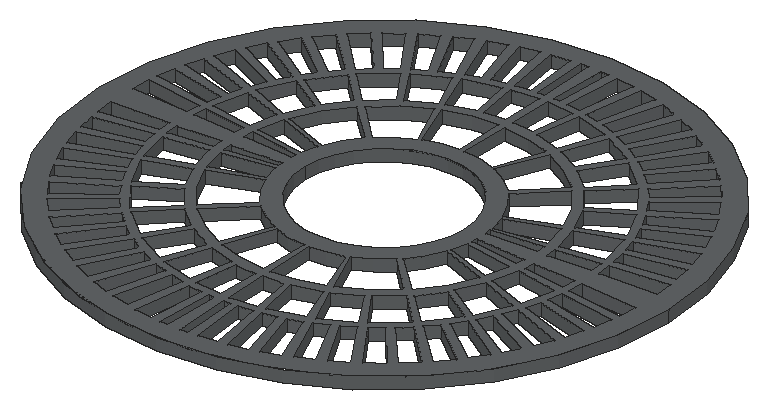
Revit family "Приствольная решётка (круглая) Р-05", category Антураж, Revit 2017
Family settings
  На основе рабочей плоскости = Нет
  Всегда вертикально = Да
  При загрузке вырезать с полостями = Нет
  Источник визуального образа = Геометрия семейства
  Общий = Нет
  Точка расчета площади = Нет
Parameters (values of type "Приствольная решётка (круглая) Р-05  Ø1200")
  Стоимость = 14930
  Изготовитель = "ООО \"Хоббика\""
  Высота = 0 mm
  URL = "https://hobbyka.ru/product/pristvolnaya_reshetka_kruglaya_r05/?sphrase_id=70591"
  ADSK_Размер_Диаметр = 1200 mm
  ADSK_Размер_Высота = 25 mm
  ADSK_Наименование = "Приствольная решётка (круглая) Р-05"
  ADSK_Материал решетки = Чугун, серый
  ADSK_Код изделия = "10278"
  1200 = yes
  1000 = no
Reference planes
  plane 1 "По центру (Вперед/Назад)": y = 0
  plane 2: z = 0
  plane 3 "По центру (Влево/Вправо)": x = 0
Forms (mm)
  Extrusion 1, solid, material "Чугун, серый" <- "ADSK_Материал решетки", visible <- "1000"
    sketch origin (0, 0, 0) x (1, 0, 0) y (0, 1, 0)
      loop
        circle (0, 0) r 500
      loop
        circle (0, 0) r 140
    from 0 to 25
  Extrusion 2, void
    sketch origin (0, 0, 0) x (1, 0, 0) y (0, 1, 0)
      loop
        line (461.534, 56.669) -> (363.272, 44.604)
        arc (363.272, 44.604) -> (364.608, 31.899) -> (365.498, 19.155) r 365
        line (365.498, 19.155) -> (464.363, 24.336)
        arc (464.363, 24.336) -> (463.231, 40.527) -> (461.534, 56.669) r 465
    from 0 to 25
  Extrusion 3, void
    sketch origin (0, 0, 0) x (0.994522, 0.104528, 0) y (-0.104528, 0.994522, 0)
      loop
        line (461.534, 56.669) -> (363.272, 44.604)
        arc (363.272, 44.604) -> (364.608, 31.899) -> (365.498, 19.155) r 365
        line (365.498, 19.155) -> (464.363, 24.336)
        arc (464.363, 24.336) -> (463.231, 40.527) -> (461.534, 56.669) r 465
    from 0 to 25
  Extrusion 4, void
    sketch origin (0, 0, 0) x (0.978148, 0.207912, 0) y (-0.207912, 0.978148, 0)
      loop
        line (461.534, 56.669) -> (363.272, 44.604)
        arc (363.272, 44.604) -> (364.608, 31.899) -> (365.498, 19.155) r 365
        line (365.498, 19.155) -> (464.363, 24.336)
        arc (464.363, 24.336) -> (463.231, 40.527) -> (461.534, 56.669) r 465
    from 0 to 25
  Extrusion 5, void
    sketch origin (0, 0, 0) x (0.951057, 0.309017, 0) y (-0.309017, 0.951057, 0)
      loop
        line (461.534, 56.669) -> (363.272, 44.604)
        arc (363.272, 44.604) -> (364.608, 31.899) -> (365.498, 19.155) r 365
        line (365.498, 19.155) -> (464.363, 24.336)
        arc (464.363, 24.336) -> (463.231, 40.527) -> (461.534, 56.669) r 465
    from 0 to 25
  Extrusion 6, void
    sketch origin (0, 0, 0) x (0.913545, 0.406737, 0) y (-0.406737, 0.913545, 0)
      loop
        line (461.534, 56.669) -> (363.272, 44.604)
        arc (363.272, 44.604) -> (364.608, 31.899) -> (365.498, 19.155) r 365
        line (365.498, 19.155) -> (464.363, 24.336)
        arc (464.363, 24.336) -> (463.231, 40.527) -> (461.534, 56.669) r 465
    from 0 to 25
  Extrusion 7, void
    sketch origin (0, 0, 0) x (0.866025, 0.5, 0) y (-0.5, 0.866025, 0)
      loop
        line (461.534, 56.669) -> (363.272, 44.604)
        arc (363.272, 44.604) -> (364.608, 31.899) -> (365.498, 19.155) r 365
        line (365.498, 19.155) -> (464.363, 24.336)
        arc (464.363, 24.336) -> (463.231, 40.527) -> (461.534, 56.669) r 465
    from 0 to 25
  Extrusion 8, void
    sketch origin (0, 0, 0) x (0.809017, 0.587785, 0) y (-0.587785, 0.809017, 0)
      loop
        line (461.534, 56.669) -> (363.272, 44.604)
        arc (363.272, 44.604) -> (364.608, 31.899) -> (365.498, 19.155) r 365
        line (365.498, 19.155) -> (464.363, 24.336)
        arc (464.363, 24.336) -> (463.231, 40.527) -> (461.534, 56.669) r 465
    from 0 to 25
  Extrusion 9, void
    sketch origin (0, 0, 0) x (0.743145, 0.669131, 0) y (-0.669131, 0.743145, 0)
      loop
        line (461.534, 56.669) -> (363.272, 44.604)
        arc (363.272, 44.604) -> (364.608, 31.899) -> (365.498, 19.155) r 365
        line (365.498, 19.155) -> (464.363, 24.336)
        arc (464.363, 24.336) -> (463.231, 40.527) -> (461.534, 56.669) r 465
    from 0 to 25
  Extrusion 10, void
    sketch origin (0, 0, 0) x (0.669131, 0.743145, 0) y (-0.743145, 0.669131, 0)
      loop
        line (461.534, 56.669) -> (363.272, 44.604)
        arc (363.272, 44.604) -> (364.608, 31.899) -> (365.498, 19.155) r 365
        line (365.498, 19.155) -> (464.363, 24.336)
        arc (464.363, 24.336) -> (463.231, 40.527) -> (461.534, 56.669) r 465
    from 0 to 25
  Extrusion 11, void
    sketch origin (0, 0, 0) x (0.587785, 0.809017, 0) y (-0.809017, 0.587785, 0)
      loop
        line (461.534, 56.669) -> (363.272, 44.604)
        arc (363.272, 44.604) -> (364.608, 31.899) -> (365.498, 19.155) r 365
        line (365.498, 19.155) -> (464.363, 24.336)
        arc (464.363, 24.336) -> (463.231, 40.527) -> (461.534, 56.669) r 465
    from 0 to 25
  Extrusion 12, void
    sketch origin (0, 0, 0) x (0.5, 0.866025, 0) y (-0.866025, 0.5, 0)
      loop
        line (461.534, 56.669) -> (363.272, 44.604)
        arc (363.272, 44.604) -> (364.608, 31.899) -> (365.498, 19.155) r 365
        line (365.498, 19.155) -> (464.363, 24.336)
        arc (464.363, 24.336) -> (463.231, 40.527) -> (461.534, 56.669) r 465
    from 0 to 25
  Extrusion 13, void
    sketch origin (0, 0, 0) x (0.406737, 0.913546, 0) y (-0.913546, 0.406737, 0)
      loop
        line (461.534, 56.669) -> (363.272, 44.604)
        arc (363.272, 44.604) -> (364.608, 31.899) -> (365.498, 19.155) r 365
        line (365.498, 19.155) -> (464.363, 24.336)
        arc (464.363, 24.336) -> (463.231, 40.527) -> (461.534, 56.669) r 465
    from 0 to 25
  Extrusion 14, void
    sketch origin (0, 0, 0) x (0.309017, 0.951057, 0) y (-0.951057, 0.309017, 0)
      loop
        line (461.534, 56.669) -> (363.272, 44.604)
        arc (363.272, 44.604) -> (364.608, 31.899) -> (365.498, 19.155) r 365
        line (365.498, 19.155) -> (464.363, 24.336)
        arc (464.363, 24.336) -> (463.231, 40.527) -> (461.534, 56.669) r 465
    from 0 to 25
  Extrusion 15, void
    sketch origin (0, 0, 0) x (0.207912, 0.978148, 0) y (-0.978148, 0.207912, 0)
      loop
        line (461.534, 56.669) -> (363.272, 44.604)
        arc (363.272, 44.604) -> (364.608, 31.899) -> (365.498, 19.155) r 365
        line (365.498, 19.155) -> (464.363, 24.336)
        arc (464.363, 24.336) -> (463.231, 40.527) -> (461.534, 56.669) r 465
    from 0 to 25
  Extrusion 16, void
    sketch origin (0, 0, 0) x (-0.913546, 0.406736, 0) y (-0.406736, -0.913546, 0)
      loop
        arc (-444.682, -135.953) -> (-439.666, -151.389) -> (-434.115, -166.641) r 465
        line (-434.115, -166.641) -> (-341.69, -131.163)
        arc (-341.69, -131.163) -> (-346.06, -119.158) -> (-350.008, -107.008) r 365
        line (-350.008, -107.008) -> (-444.682, -135.953)
    from 0 to 25
  Extrusion 17, void
    sketch origin (0, 0, 0) x (-0.866026, 0.5, 0) y (-0.5, -0.866026, 0)
      loop
        arc (-444.682, -135.953) -> (-439.666, -151.389) -> (-434.115, -166.641) r 465
        line (-434.115, -166.641) -> (-341.69, -131.163)
        arc (-341.69, -131.163) -> (-346.06, -119.158) -> (-350.008, -107.008) r 365
        line (-350.008, -107.008) -> (-444.682, -135.953)
    from 0 to 25
  Extrusion 18, void
    sketch origin (0, 0, 0) x (-0.809017, 0.587785, 0) y (-0.587785, -0.809017, 0)
      loop
        arc (-444.682, -135.953) -> (-439.666, -151.389) -> (-434.115, -166.641) r 465
        line (-434.115, -166.641) -> (-341.69, -131.163)
        arc (-341.69, -131.163) -> (-346.06, -119.158) -> (-350.008, -107.008) r 365
        line (-350.008, -107.008) -> (-444.682, -135.953)
    from 0 to 25
  Extrusion 19, void
    sketch origin (0, 0, 0) x (-0.743145, 0.66913, 0) y (-0.66913, -0.743145, 0)
      loop
        arc (-444.682, -135.953) -> (-439.666, -151.389) -> (-434.115, -166.641) r 465
        line (-434.115, -166.641) -> (-341.69, -131.163)
        arc (-341.69, -131.163) -> (-346.06, -119.158) -> (-350.008, -107.008) r 365
        line (-350.008, -107.008) -> (-444.682, -135.953)
    from 0 to 25
  Extrusion 20, void
    sketch origin (0, 0, 0) x (-0.669131, 0.743145, 0) y (-0.743145, -0.669131, 0)
      loop
        arc (-444.682, -135.953) -> (-439.666, -151.389) -> (-434.115, -166.641) r 465
        line (-434.115, -166.641) -> (-341.69, -131.163)
        arc (-341.69, -131.163) -> (-346.06, -119.158) -> (-350.008, -107.008) r 365
        line (-350.008, -107.008) -> (-444.682, -135.953)
    from 0 to 25
  Extrusion 21, void
    sketch origin (0, 0, 0) x (-0.587785, 0.809017, 0) y (-0.809017, -0.587785, 0)
      loop
        arc (-444.682, -135.953) -> (-439.666, -151.389) -> (-434.115, -166.641) r 465
        line (-434.115, -166.641) -> (-341.69, -131.163)
        arc (-341.69, -131.163) -> (-346.06, -119.158) -> (-350.008, -107.008) r 365
        line (-350.008, -107.008) -> (-444.682, -135.953)
    from 0 to 25
  Extrusion 22, void
    sketch origin (0, 0, 0) x (-0.5, 0.866025, 0) y (-0.866025, -0.5, 0)
      loop
        arc (-444.682, -135.953) -> (-439.666, -151.389) -> (-434.115, -166.641) r 465
        line (-434.115, -166.641) -> (-341.69, -131.163)
        arc (-341.69, -131.163) -> (-346.06, -119.158) -> (-350.008, -107.008) r 365
        line (-350.008, -107.008) -> (-444.682, -135.953)
    from 0 to 25
  Extrusion 23, void
    sketch origin (0, 0, 0) x (-0.406737, 0.913545, 0) y (-0.913545, -0.406737, 0)
      loop
        arc (-444.682, -135.953) -> (-439.666, -151.389) -> (-434.115, -166.641) r 465
        line (-434.115, -166.641) -> (-341.69, -131.163)
        arc (-341.69, -131.163) -> (-346.06, -119.158) -> (-350.008, -107.008) r 365
        line (-350.008, -107.008) -> (-444.682, -135.953)
    from 0 to 25
  Extrusion 24, void
    sketch origin (0, 0, 0) x (-0.309017, 0.951056, 0) y (-0.951056, -0.309017, 0)
      loop
        arc (-444.682, -135.953) -> (-439.666, -151.389) -> (-434.115, -166.641) r 465
        line (-434.115, -166.641) -> (-341.69, -131.163)
        arc (-341.69, -131.163) -> (-346.06, -119.158) -> (-350.008, -107.008) r 365
        line (-350.008, -107.008) -> (-444.682, -135.953)
    from 0 to 25
  Extrusion 25, void
    sketch origin (0, 0, 0) x (-0.207912, 0.978148, 0) y (-0.978148, -0.207912, 0)
      loop
        arc (-444.682, -135.953) -> (-439.666, -151.389) -> (-434.115, -166.641) r 465
        line (-434.115, -166.641) -> (-341.69, -131.163)
        arc (-341.69, -131.163) -> (-346.06, -119.158) -> (-350.008, -107.008) r 365
        line (-350.008, -107.008) -> (-444.682, -135.953)
    from 0 to 25
  Extrusion 26, void
    sketch origin (0, 0, 0) x (-0.104529, 0.994522, 0) y (-0.994522, -0.104529, 0)
      loop
        arc (-444.682, -135.953) -> (-439.666, -151.389) -> (-434.115, -166.641) r 465
        line (-434.115, -166.641) -> (-341.69, -131.163)
        arc (-341.69, -131.163) -> (-346.06, -119.158) -> (-350.008, -107.008) r 365
        line (-350.008, -107.008) -> (-444.682, -135.953)
    from 0 to 25
  Extrusion 27, void
    sketch origin (0, 0, 0) x (0, 1, 0) y (-1, 0, 0)
      loop
        arc (-444.682, -135.953) -> (-439.666, -151.389) -> (-434.115, -166.641) r 465
        line (-434.115, -166.641) -> (-341.69, -131.163)
        arc (-341.69, -131.163) -> (-346.06, -119.158) -> (-350.008, -107.008) r 365
        line (-350.008, -107.008) -> (-444.682, -135.953)
    from 0 to 25
  Extrusion 28, void
    sketch origin (0, 0, 0) x (0.104528, 0.994522, 0) y (-0.994522, 0.104528, 0)
      loop
        arc (-444.682, -135.953) -> (-439.666, -151.389) -> (-434.115, -166.641) r 465
        line (-434.115, -166.641) -> (-341.69, -131.163)
        arc (-341.69, -131.163) -> (-346.06, -119.158) -> (-350.008, -107.008) r 365
        line (-350.008, -107.008) -> (-444.682, -135.953)
    from 0 to 25
  Extrusion 29, void
    sketch origin (0, 0, 0) x (0.207912, 0.978148, 0) y (-0.978148, 0.207912, 0)
      loop
        arc (-444.682, -135.953) -> (-439.666, -151.389) -> (-434.115, -166.641) r 465
        line (-434.115, -166.641) -> (-341.69, -131.163)
        arc (-341.69, -131.163) -> (-346.06, -119.158) -> (-350.008, -107.008) r 365
        line (-350.008, -107.008) -> (-444.682, -135.953)
    from 0 to 25
  Extrusion 30, void
    sketch origin (0, 0, 0) x (-1, 0, 0) y (0, -1, 0)
      loop
        line (461.534, 56.669) -> (363.272, 44.604)
        arc (363.272, 44.604) -> (364.608, 31.899) -> (365.498, 19.155) r 365
        line (365.498, 19.155) -> (464.363, 24.336)
        arc (464.363, 24.336) -> (463.231, 40.527) -> (461.534, 56.669) r 465
    from 0 to 25
  Extrusion 31, void
    sketch origin (0, 0, 0) x (-0.994522, -0.104528, 0) y (0.104528, -0.994522, 0)
      loop
        line (461.534, 56.669) -> (363.272, 44.604)
        arc (363.272, 44.604) -> (364.608, 31.899) -> (365.498, 19.155) r 365
        line (365.498, 19.155) -> (464.363, 24.336)
        arc (464.363, 24.336) -> (463.231, 40.527) -> (461.534, 56.669) r 465
    from 0 to 25
  Extrusion 32, void
    sketch origin (0, 0, 0) x (-0.978148, -0.207912, 0) y (0.207912, -0.978148, 0)
      loop
        line (461.534, 56.669) -> (363.272, 44.604)
        arc (363.272, 44.604) -> (364.608, 31.899) -> (365.498, 19.155) r 365
        line (365.498, 19.155) -> (464.363, 24.336)
        arc (464.363, 24.336) -> (463.231, 40.527) -> (461.534, 56.669) r 465
    from 0 to 25
  Extrusion 33, void
    sketch origin (0, 0, 0) x (-0.951057, -0.309017, 0) y (0.309017, -0.951057, 0)
      loop
        line (461.534, 56.669) -> (363.272, 44.604)
        arc (363.272, 44.604) -> (364.608, 31.899) -> (365.498, 19.155) r 365
        line (365.498, 19.155) -> (464.363, 24.336)
        arc (464.363, 24.336) -> (463.231, 40.527) -> (461.534, 56.669) r 465
    from 0 to 25
  Extrusion 34, void
    sketch origin (0, 0, 0) x (-0.913545, -0.406737, 0) y (0.406737, -0.913545, 0)
      loop
        line (461.534, 56.669) -> (363.272, 44.604)
        arc (363.272, 44.604) -> (364.608, 31.899) -> (365.498, 19.155) r 365
        line (365.498, 19.155) -> (464.363, 24.336)
        arc (464.363, 24.336) -> (463.231, 40.527) -> (461.534, 56.669) r 465
    from 0 to 25
  Extrusion 35, void
    sketch origin (0, 0, 0) x (-0.866025, -0.5, 0) y (0.5, -0.866025, 0)
      loop
        line (461.534, 56.669) -> (363.272, 44.604)
        arc (363.272, 44.604) -> (364.608, 31.899) -> (365.498, 19.155) r 365
        line (365.498, 19.155) -> (464.363, 24.336)
        arc (464.363, 24.336) -> (463.231, 40.527) -> (461.534, 56.669) r 465
    from 0 to 25
  Extrusion 36, void
    sketch origin (0, 0, 0) x (-0.809017, -0.587785, 0) y (0.587785, -0.809017, 0)
      loop
        line (461.534, 56.669) -> (363.272, 44.604)
        arc (363.272, 44.604) -> (364.608, 31.899) -> (365.498, 19.155) r 365
        line (365.498, 19.155) -> (464.363, 24.336)
        arc (464.363, 24.336) -> (463.231, 40.527) -> (461.534, 56.669) r 465
    from 0 to 25
  Extrusion 37, void
    sketch origin (0, 0, 0) x (-0.743145, -0.669131, 0) y (0.669131, -0.743145, 0)
      loop
        line (461.534, 56.669) -> (363.272, 44.604)
        arc (363.272, 44.604) -> (364.608, 31.899) -> (365.498, 19.155) r 365
        line (365.498, 19.155) -> (464.363, 24.336)
        arc (464.363, 24.336) -> (463.231, 40.527) -> (461.534, 56.669) r 465
    from 0 to 25
  Extrusion 38, void
    sketch origin (0, 0, 0) x (-0.669131, -0.743145, 0) y (0.743145, -0.669131, 0)
      loop
        line (461.534, 56.669) -> (363.272, 44.604)
        arc (363.272, 44.604) -> (364.608, 31.899) -> (365.498, 19.155) r 365
        line (365.498, 19.155) -> (464.363, 24.336)
        arc (464.363, 24.336) -> (463.231, 40.527) -> (461.534, 56.669) r 465
    from 0 to 25
  Extrusion 39, void
    sketch origin (0, 0, 0) x (-0.587785, -0.809017, 0) y (0.809017, -0.587785, 0)
      loop
        line (461.534, 56.669) -> (363.272, 44.604)
        arc (363.272, 44.604) -> (364.608, 31.899) -> (365.498, 19.155) r 365
        line (365.498, 19.155) -> (464.363, 24.336)
        arc (464.363, 24.336) -> (463.231, 40.527) -> (461.534, 56.669) r 465
    from 0 to 25
  Extrusion 40, void
    sketch origin (0, 0, 0) x (-0.5, -0.866025, 0) y (0.866025, -0.5, 0)
      loop
        line (461.534, 56.669) -> (363.272, 44.604)
        arc (363.272, 44.604) -> (364.608, 31.899) -> (365.498, 19.155) r 365
        line (365.498, 19.155) -> (464.363, 24.336)
        arc (464.363, 24.336) -> (463.231, 40.527) -> (461.534, 56.669) r 465
    from 0 to 25
  Extrusion 41, void
    sketch origin (0, 0, 0) x (-0.406737, -0.913546, 0) y (0.913546, -0.406737, 0)
      loop
        line (461.534, 56.669) -> (363.272, 44.604)
        arc (363.272, 44.604) -> (364.608, 31.899) -> (365.498, 19.155) r 365
        line (365.498, 19.155) -> (464.363, 24.336)
        arc (464.363, 24.336) -> (463.231, 40.527) -> (461.534, 56.669) r 465
    from 0 to 25
  Extrusion 42, void
    sketch origin (0, 0, 0) x (-0.309017, -0.951057, 0) y (0.951057, -0.309017, 0)
      loop
        line (461.534, 56.669) -> (363.272, 44.604)
        arc (363.272, 44.604) -> (364.608, 31.899) -> (365.498, 19.155) r 365
        line (365.498, 19.155) -> (464.363, 24.336)
        arc (464.363, 24.336) -> (463.231, 40.527) -> (461.534, 56.669) r 465
    from 0 to 25
  Extrusion 43, void
    sketch origin (0, 0, 0) x (-0.207912, -0.978148, 0) y (0.978148, -0.207912, 0)
      loop
        line (461.534, 56.669) -> (363.272, 44.604)
        arc (363.272, 44.604) -> (364.608, 31.899) -> (365.498, 19.155) r 365
        line (365.498, 19.155) -> (464.363, 24.336)
        arc (464.363, 24.336) -> (463.231, 40.527) -> (461.534, 56.669) r 465
    from 0 to 25
  Extrusion 44, void
    sketch origin (0, 0, 0) x (0.913546, -0.406736, 0) y (0.406736, 0.913546, 0)
      loop
        arc (-444.682, -135.953) -> (-439.666, -151.389) -> (-434.115, -166.641) r 465
        line (-434.115, -166.641) -> (-341.69, -131.163)
        arc (-341.69, -131.163) -> (-346.06, -119.158) -> (-350.008, -107.008) r 365
        line (-350.008, -107.008) -> (-444.682, -135.953)
    from 0 to 25
  Extrusion 45, void
    sketch origin (0, 0, 0) x (0.866026, -0.5, 0) y (0.5, 0.866026, 0)
      loop
        arc (-444.682, -135.953) -> (-439.666, -151.389) -> (-434.115, -166.641) r 465
        line (-434.115, -166.641) -> (-341.69, -131.163)
        arc (-341.69, -131.163) -> (-346.06, -119.158) -> (-350.008, -107.008) r 365
        line (-350.008, -107.008) -> (-444.682, -135.953)
    from 0 to 25
  Extrusion 46, void
    sketch origin (0, 0, 0) x (0.809017, -0.587785, 0) y (0.587785, 0.809017, 0)
      loop
        arc (-444.682, -135.953) -> (-439.666, -151.389) -> (-434.115, -166.641) r 465
        line (-434.115, -166.641) -> (-341.69, -131.163)
        arc (-341.69, -131.163) -> (-346.06, -119.158) -> (-350.008, -107.008) r 365
        line (-350.008, -107.008) -> (-444.682, -135.953)
    from 0 to 25
  Extrusion 47, void
    sketch origin (0, 0, 0) x (0.743145, -0.66913, 0) y (0.66913, 0.743145, 0)
      loop
        arc (-444.682, -135.953) -> (-439.666, -151.389) -> (-434.115, -166.641) r 465
        line (-434.115, -166.641) -> (-341.69, -131.163)
        arc (-341.69, -131.163) -> (-346.06, -119.158) -> (-350.008, -107.008) r 365
        line (-350.008, -107.008) -> (-444.682, -135.953)
    from 0 to 25
  Extrusion 48, void
    sketch origin (0, 0, 0) x (0.669131, -0.743145, 0) y (0.743145, 0.669131, 0)
      loop
        arc (-444.682, -135.953) -> (-439.666, -151.389) -> (-434.115, -166.641) r 465
        line (-434.115, -166.641) -> (-341.69, -131.163)
        arc (-341.69, -131.163) -> (-346.06, -119.158) -> (-350.008, -107.008) r 365
        line (-350.008, -107.008) -> (-444.682, -135.953)
    from 0 to 25
  Extrusion 49, void
    sketch origin (0, 0, 0) x (0.587785, -0.809017, 0) y (0.809017, 0.587785, 0)
      loop
        arc (-444.682, -135.953) -> (-439.666, -151.389) -> (-434.115, -166.641) r 465
        line (-434.115, -166.641) -> (-341.69, -131.163)
        arc (-341.69, -131.163) -> (-346.06, -119.158) -> (-350.008, -107.008) r 365
        line (-350.008, -107.008) -> (-444.682, -135.953)
    from 0 to 25
  Extrusion 50, void
    sketch origin (0, 0, 0) x (0.5, -0.866025, 0) y (0.866025, 0.5, 0)
      loop
        arc (-444.682, -135.953) -> (-439.666, -151.389) -> (-434.115, -166.641) r 465
        line (-434.115, -166.641) -> (-341.69, -131.163)
        arc (-341.69, -131.163) -> (-346.06, -119.158) -> (-350.008, -107.008) r 365
        line (-350.008, -107.008) -> (-444.682, -135.953)
    from 0 to 25
  Extrusion 51, void
    sketch origin (0, 0, 0) x (0.406737, -0.913545, 0) y (0.913545, 0.406737, 0)
      loop
        arc (-444.682, -135.953) -> (-439.666, -151.389) -> (-434.115, -166.641) r 465
        line (-434.115, -166.641) -> (-341.69, -131.163)
        arc (-341.69, -131.163) -> (-346.06, -119.158) -> (-350.008, -107.008) r 365
        line (-350.008, -107.008) -> (-444.682, -135.953)
    from 0 to 25
  Extrusion 52, void
    sketch origin (0, 0, 0) x (0.309017, -0.951056, 0) y (0.951056, 0.309017, 0)
      loop
        arc (-444.682, -135.953) -> (-439.666, -151.389) -> (-434.115, -166.641) r 465
        line (-434.115, -166.641) -> (-341.69, -131.163)
        arc (-341.69, -131.163) -> (-346.06, -119.158) -> (-350.008, -107.008) r 365
        line (-350.008, -107.008) -> (-444.682, -135.953)
    from 0 to 25
  Extrusion 53, void
    sketch origin (0, 0, 0) x (0.207912, -0.978148, 0) y (0.978148, 0.207912, 0)
      loop
        arc (-444.682, -135.953) -> (-439.666, -151.389) -> (-434.115, -166.641) r 465
        line (-434.115, -166.641) -> (-341.69, -131.163)
        arc (-341.69, -131.163) -> (-346.06, -119.158) -> (-350.008, -107.008) r 365
        line (-350.008, -107.008) -> (-444.682, -135.953)
    from 0 to 25
  Extrusion 54, void
    sketch origin (0, 0, 0) x (0.104529, -0.994522, 0) y (0.994522, 0.104529, 0)
      loop
        arc (-444.682, -135.953) -> (-439.666, -151.389) -> (-434.115, -166.641) r 465
        line (-434.115, -166.641) -> (-341.69, -131.163)
        arc (-341.69, -131.163) -> (-346.06, -119.158) -> (-350.008, -107.008) r 365
        line (-350.008, -107.008) -> (-444.682, -135.953)
    from 0 to 25
  Extrusion 55, void
    sketch origin (0, 0, 0) x (0, -1, 0) y (1, 0, 0)
      loop
        arc (-444.682, -135.953) -> (-439.666, -151.389) -> (-434.115, -166.641) r 465
        line (-434.115, -166.641) -> (-341.69, -131.163)
        arc (-341.69, -131.163) -> (-346.06, -119.158) -> (-350.008, -107.008) r 365
        line (-350.008, -107.008) -> (-444.682, -135.953)
    from 0 to 25
  Extrusion 56, void
    sketch origin (0, 0, 0) x (-0.104528, -0.994522, 0) y (0.994522, -0.104528, 0)
      loop
        arc (-444.682, -135.953) -> (-439.666, -151.389) -> (-434.115, -166.641) r 465
        line (-434.115, -166.641) -> (-341.69, -131.163)
        arc (-341.69, -131.163) -> (-346.06, -119.158) -> (-350.008, -107.008) r 365
        line (-350.008, -107.008) -> (-444.682, -135.953)
    from 0 to 25
  Extrusion 57, void
    sketch origin (0, 0, 0) x (-0.207912, -0.978148, 0) y (0.978148, -0.207912, 0)
      loop
        arc (-444.682, -135.953) -> (-439.666, -151.389) -> (-434.115, -166.641) r 465
        line (-434.115, -166.641) -> (-341.69, -131.163)
        arc (-341.69, -131.163) -> (-346.06, -119.158) -> (-350.008, -107.008) r 365
        line (-350.008, -107.008) -> (-444.682, -135.953)
    from 0 to 25
  Extrusion 58, void
    sketch origin (0, 0, 0) x (1, 0, 0) y (0, 1, 0)
      loop
        arc (345.691, 54.752) -> (339.604, 84.673) -> (330.932, 113.949) r 350
        line (330.932, 113.949) -> (260.018, 89.531)
        arc (260.018, 89.531) -> (266.831, 66.529) -> (271.614, 43.019) r 275
        line (271.614, 43.019) -> (345.691, 54.752)
    from 0 to 25
  Extrusion 59, void
    sketch origin (0, 0, 0) x (0.978148, 0.207912, 0) y (-0.207912, 0.978148, 0)
      loop
        arc (345.691, 54.752) -> (339.604, 84.673) -> (330.932, 113.949) r 350
        line (330.932, 113.949) -> (260.018, 89.531)
        arc (260.018, 89.531) -> (266.831, 66.529) -> (271.614, 43.019) r 275
        line (271.614, 43.019) -> (345.691, 54.752)
    from 0 to 25
  Extrusion 60, void
    sketch origin (0, 0, 0) x (0.913545, 0.406737, 0) y (-0.406737, 0.913545, 0)
      loop
        arc (345.691, 54.752) -> (339.604, 84.673) -> (330.932, 113.949) r 350
        line (330.932, 113.949) -> (260.018, 89.531)
        arc (260.018, 89.531) -> (266.831, 66.529) -> (271.614, 43.019) r 275
        line (271.614, 43.019) -> (345.691, 54.752)
    from 0 to 25
  Extrusion 61, void
    sketch origin (0, 0, 0) x (0.809017, 0.587785, 0) y (-0.587785, 0.809017, 0)
      loop
        arc (345.691, 54.752) -> (339.604, 84.673) -> (330.932, 113.949) r 350
        line (330.932, 113.949) -> (260.018, 89.531)
        arc (260.018, 89.531) -> (266.831, 66.529) -> (271.614, 43.019) r 275
        line (271.614, 43.019) -> (345.691, 54.752)
    from 0 to 25
  Extrusion 62, void
    sketch origin (0, 0, 0) x (0.669131, 0.743145, 0) y (-0.743145, 0.669131, 0)
      loop
        arc (345.691, 54.752) -> (339.604, 84.673) -> (330.932, 113.949) r 350
        line (330.932, 113.949) -> (260.018, 89.531)
        arc (260.018, 89.531) -> (266.831, 66.529) -> (271.614, 43.019) r 275
        line (271.614, 43.019) -> (345.691, 54.752)
    from 0 to 25
  Extrusion 63, void
    sketch origin (0, 0, 0) x (0.5, 0.866025, 0) y (-0.866025, 0.5, 0)
      loop
        arc (345.691, 54.752) -> (339.604, 84.673) -> (330.932, 113.949) r 350
        line (330.932, 113.949) -> (260.018, 89.531)
        arc (260.018, 89.531) -> (266.831, 66.529) -> (271.614, 43.019) r 275
        line (271.614, 43.019) -> (345.691, 54.752)
    from 0 to 25
  Extrusion 64, void
    sketch origin (0, 0, 0) x (0.5, -0.866025, 0) y (0.866025, 0.5, 0)
      loop
        line (-220.262, -272.001) -> (-173.063, -213.715)
        arc (-173.063, -213.715) -> (-191.031, -197.818) -> (-207.545, -180.416) r 275
        line (-207.545, -180.416) -> (-264.148, -229.621)
        arc (-264.148, -229.621) -> (-243.13, -251.769) -> (-220.262, -272.001) r 350
    from 0 to 25
  Extrusion 65, void
    sketch origin (0, 0, 0) x (0.309017, -0.951057, 0) y (0.951057, 0.309017, 0)
      loop
        line (-220.262, -272.001) -> (-173.063, -213.715)
        arc (-173.063, -213.715) -> (-191.031, -197.818) -> (-207.545, -180.416) r 275
        line (-207.545, -180.416) -> (-264.148, -229.621)
        arc (-264.148, -229.621) -> (-243.13, -251.769) -> (-220.262, -272.001) r 350
    from 0 to 25
  Extrusion 66, void
    sketch origin (0, 0, 0) x (0.104528, -0.994522, 0) y (0.994522, 0.104528, 0)
      loop
        line (-220.262, -272.001) -> (-173.063, -213.715)
        arc (-173.063, -213.715) -> (-191.031, -197.818) -> (-207.545, -180.416) r 275
        line (-207.545, -180.416) -> (-264.148, -229.621)
        arc (-264.148, -229.621) -> (-243.13, -251.769) -> (-220.262, -272.001) r 350
    from 0 to 25
  Extrusion 67, void
    sketch origin (0, 0, 0) x (-0.104528, -0.994522, 0) y (0.994522, -0.104528, 0)
      loop
        line (-220.262, -272.001) -> (-173.063, -213.715)
        arc (-173.063, -213.715) -> (-191.031, -197.818) -> (-207.545, -180.416) r 275
        line (-207.545, -180.416) -> (-264.148, -229.621)
        arc (-264.148, -229.621) -> (-243.13, -251.769) -> (-220.262, -272.001) r 350
    from 0 to 25
  Extrusion 68, void
    sketch origin (0, 0, 0) x (-0.309017, -0.951057, 0) y (0.951057, -0.309017, 0)
      loop
        line (-220.262, -272.001) -> (-173.063, -213.715)
        arc (-173.063, -213.715) -> (-191.031, -197.818) -> (-207.545, -180.416) r 275
        line (-207.545, -180.416) -> (-264.148, -229.621)
        arc (-264.148, -229.621) -> (-243.13, -251.769) -> (-220.262, -272.001) r 350
    from 0 to 25
  Extrusion 69, void
    sketch origin (0, 0, 0) x (-0.5, -0.866025, 0) y (0.866025, -0.5, 0)
      loop
        line (-220.262, -272.001) -> (-173.063, -213.715)
        arc (-173.063, -213.715) -> (-191.031, -197.818) -> (-207.545, -180.416) r 275
        line (-207.545, -180.416) -> (-264.148, -229.621)
        arc (-264.148, -229.621) -> (-243.13, -251.769) -> (-220.262, -272.001) r 350
    from 0 to 25
  Extrusion 70, void
    sketch origin (0, 0, 0) x (-1, 0, 0) y (0, -1, 0)
      loop
        arc (345.691, 54.752) -> (339.604, 84.673) -> (330.932, 113.949) r 350
        line (330.932, 113.949) -> (260.018, 89.531)
        arc (260.018, 89.531) -> (266.831, 66.529) -> (271.614, 43.019) r 275
        line (271.614, 43.019) -> (345.691, 54.752)
    from 0 to 25
  Extrusion 71, void
    sketch origin (0, 0, 0) x (-0.978148, -0.207912, 0) y (0.207912, -0.978148, 0)
      loop
        arc (345.691, 54.752) -> (339.604, 84.673) -> (330.932, 113.949) r 350
        line (330.932, 113.949) -> (260.018, 89.531)
        arc (260.018, 89.531) -> (266.831, 66.529) -> (271.614, 43.019) r 275
        line (271.614, 43.019) -> (345.691, 54.752)
    from 0 to 25
  Extrusion 72, void
    sketch origin (0, 0, 0) x (-0.913545, -0.406737, 0) y (0.406737, -0.913545, 0)
      loop
        arc (345.691, 54.752) -> (339.604, 84.673) -> (330.932, 113.949) r 350
        line (330.932, 113.949) -> (260.018, 89.531)
        arc (260.018, 89.531) -> (266.831, 66.529) -> (271.614, 43.019) r 275
        line (271.614, 43.019) -> (345.691, 54.752)
    from 0 to 25
  Extrusion 73, void
    sketch origin (0, 0, 0) x (-0.809017, -0.587785, 0) y (0.587785, -0.809017, 0)
      loop
        arc (345.691, 54.752) -> (339.604, 84.673) -> (330.932, 113.949) r 350
        line (330.932, 113.949) -> (260.018, 89.531)
        arc (260.018, 89.531) -> (266.831, 66.529) -> (271.614, 43.019) r 275
        line (271.614, 43.019) -> (345.691, 54.752)
    from 0 to 25
  Extrusion 74, void
    sketch origin (0, 0, 0) x (-0.669131, -0.743145, 0) y (0.743145, -0.669131, 0)
      loop
        arc (345.691, 54.752) -> (339.604, 84.673) -> (330.932, 113.949) r 350
        line (330.932, 113.949) -> (260.018, 89.531)
        arc (260.018, 89.531) -> (266.831, 66.529) -> (271.614, 43.019) r 275
        line (271.614, 43.019) -> (345.691, 54.752)
    from 0 to 25
  Extrusion 75, void
    sketch origin (0, 0, 0) x (-0.5, -0.866025, 0) y (0.866025, -0.5, 0)
      loop
        arc (345.691, 54.752) -> (339.604, 84.673) -> (330.932, 113.949) r 350
        line (330.932, 113.949) -> (260.018, 89.531)
        arc (260.018, 89.531) -> (266.831, 66.529) -> (271.614, 43.019) r 275
        line (271.614, 43.019) -> (345.691, 54.752)
    from 0 to 25
  Extrusion 76, void
    sketch origin (0, 0, 0) x (-0.5, 0.866025, 0) y (-0.866025, -0.5, 0)
      loop
        line (-220.262, -272.001) -> (-173.063, -213.715)
        arc (-173.063, -213.715) -> (-191.031, -197.818) -> (-207.545, -180.416) r 275
        line (-207.545, -180.416) -> (-264.148, -229.621)
        arc (-264.148, -229.621) -> (-243.13, -251.769) -> (-220.262, -272.001) r 350
    from 0 to 25
  Extrusion 77, void
    sketch origin (0, 0, 0) x (-0.309017, 0.951057, 0) y (-0.951057, -0.309017, 0)
      loop
        line (-220.262, -272.001) -> (-173.063, -213.715)
        arc (-173.063, -213.715) -> (-191.031, -197.818) -> (-207.545, -180.416) r 275
        line (-207.545, -180.416) -> (-264.148, -229.621)
        arc (-264.148, -229.621) -> (-243.13, -251.769) -> (-220.262, -272.001) r 350
    from 0 to 25
  Extrusion 78, void
    sketch origin (0, 0, 0) x (-0.104528, 0.994522, 0) y (-0.994522, -0.104528, 0)
      loop
        line (-220.262, -272.001) -> (-173.063, -213.715)
        arc (-173.063, -213.715) -> (-191.031, -197.818) -> (-207.545, -180.416) r 275
        line (-207.545, -180.416) -> (-264.148, -229.621)
        arc (-264.148, -229.621) -> (-243.13, -251.769) -> (-220.262, -272.001) r 350
    from 0 to 25
  Extrusion 79, void
    sketch origin (0, 0, 0) x (0.104528, 0.994522, 0) y (-0.994522, 0.104528, 0)
      loop
        line (-220.262, -272.001) -> (-173.063, -213.715)
        arc (-173.063, -213.715) -> (-191.031, -197.818) -> (-207.545, -180.416) r 275
        line (-207.545, -180.416) -> (-264.148, -229.621)
        arc (-264.148, -229.621) -> (-243.13, -251.769) -> (-220.262, -272.001) r 350
    from 0 to 25
  Extrusion 80, void
    sketch origin (0, 0, 0) x (0.309017, 0.951057, 0) y (-0.951057, 0.309017, 0)
      loop
        line (-220.262, -272.001) -> (-173.063, -213.715)
        arc (-173.063, -213.715) -> (-191.031, -197.818) -> (-207.545, -180.416) r 275
        line (-207.545, -180.416) -> (-264.148, -229.621)
        arc (-264.148, -229.621) -> (-243.13, -251.769) -> (-220.262, -272.001) r 350
    from 0 to 25
  Extrusion 81, void
    sketch origin (0, 0, 0) x (0.5, 0.866025, 0) y (-0.866025, 0.5, 0)
      loop
        line (-220.262, -272.001) -> (-173.063, -213.715)
        arc (-173.063, -213.715) -> (-191.031, -197.818) -> (-207.545, -180.416) r 275
        line (-207.545, -180.416) -> (-264.148, -229.621)
        arc (-264.148, -229.621) -> (-243.13, -251.769) -> (-220.262, -272.001) r 350
    from 0 to 25
  Extrusion 82, void
    sketch origin (0, 0, 0) x (1, 0, 0) y (0, 1, 0)
      loop
        line (347.391, 42.654) -> (272.95, 33.514)
        arc (272.95, 33.514) -> (273.954, 23.968) -> (274.623, 14.392) r 275
        line (274.623, 14.392) -> (349.52, 18.318)
        arc (349.52, 18.318) -> (348.668, 30.505) -> (347.391, 42.654) r 350
      loop
        arc (259.644, 13.607) -> (259.011, 22.66) -> (258.062, 31.686) r 260
        line (258.062, 31.686) -> (168.733, 20.718)
        arc (168.733, 20.718) -> (169.353, 14.816) -> (169.767, 8.897) r 170
        line (169.767, 8.897) -> (259.644, 13.607)
      loop
        arc (347.391, -42.654) -> (348.668, -30.505) -> (349.52, -18.318) r 350
        line (349.52, -18.318) -> (274.623, -14.392)
        arc (274.623, -14.392) -> (273.954, -23.968) -> (272.95, -33.514) r 275
        line (272.95, -33.514) -> (347.391, -42.654)
      loop
        line (259.644, -13.607) -> (169.767, -8.897)
        arc (169.767, -8.897) -> (169.353, -14.816) -> (168.733, -20.718) r 170
        line (168.733, -20.718) -> (258.062, -31.686)
        arc (258.062, -31.686) -> (259.011, -22.66) -> (259.644, -13.607) r 260
      loop
        arc (-347.391, 42.654) -> (-348.668, 30.505) -> (-349.52, 18.318) r 350
        line (-349.52, 18.318) -> (-274.623, 14.392)
        arc (-274.623, 14.392) -> (-273.954, 23.968) -> (-272.95, 33.514) r 275
        line (-272.95, 33.514) -> (-347.391, 42.654)
      loop
        line (-259.644, 13.607) -> (-169.767, 8.897)
        arc (-169.767, 8.897) -> (-169.353, 14.816) -> (-168.733, 20.718) r 170
        line (-168.733, 20.718) -> (-258.062, 31.686)
        arc (-258.062, 31.686) -> (-259.011, 22.66) -> (-259.644, 13.607) r 260
      loop
        line (-347.391, -42.654) -> (-272.95, -33.514)
        arc (-272.95, -33.514) -> (-273.954, -23.968) -> (-274.623, -14.392) r 275
        line (-274.623, -14.392) -> (-349.52, -18.318)
        arc (-349.52, -18.318) -> (-348.668, -30.505) -> (-347.391, -42.654) r 350
      loop
        arc (-259.644, -13.607) -> (-259.011, -22.66) -> (-258.062, -31.686) r 260
        line (-258.062, -31.686) -> (-168.733, -20.718)
        arc (-168.733, -20.718) -> (-169.353, -14.816) -> (-169.767, -8.897) r 170
        line (-169.767, -8.897) -> (-259.644, -13.607)
      loop
        line (10.076, 349.855) -> (7.917, 274.886)
        arc (7.917, 274.886) -> (26.186, 273.75) -> (44.339, 271.402) r 275
        line (44.339, 271.402) -> (56.431, 345.421)
        arc (56.431, 345.421) -> (33.327, 348.41) -> (10.076, 349.855) r 350
      loop
        arc (-10.076, 349.855) -> (-33.327, 348.41) -> (-56.431, 345.421) r 350
        line (-56.431, 345.421) -> (-44.339, 271.402)
        arc (-44.339, 271.402) -> (-26.186, 273.75) -> (-7.917, 274.886) r 275
        line (-7.917, 274.886) -> (-10.076, 349.855)
      loop
        arc (10.076, -349.855) -> (33.327, -348.41) -> (56.431, -345.421) r 350
        line (56.431, -345.421) -> (44.339, -271.402)
        arc (44.339, -271.402) -> (26.186, -273.75) -> (7.917, -274.886) r 275
        line (7.917, -274.886) -> (10.076, -349.855)
      loop
        line (-10.076, -349.855) -> (-7.917, -274.886)
        arc (-7.917, -274.886) -> (-26.186, -273.75) -> (-44.339, -271.402) r 275
        line (-44.339, -271.402) -> (-56.431, -345.421)
        arc (-56.431, -345.421) -> (-33.327, -348.41) -> (-10.076, -349.855) r 350
      loop
        arc (256.799, 40.673) -> (252.277, 62.9) -> (245.835, 84.648) r 260
        line (245.835, 84.648) -> (160.738, 55.347)
        arc (160.738, 55.347) -> (164.95, 41.127) -> (167.907, 26.594) r 170
        line (167.907, 26.594) -> (256.799, 40.673)
      loop
        line (256.799, -40.673) -> (167.907, -26.594)
        arc (167.907, -26.594) -> (164.95, -41.127) -> (160.738, -55.347) r 170
        line (160.738, -55.347) -> (245.835, -84.648)
        arc (245.835, -84.648) -> (252.277, -62.9) -> (256.799, -40.673) r 260
      loop
        line (-256.799, 40.673) -> (-167.907, 26.594)
        arc (-167.907, 26.594) -> (-164.95, 41.127) -> (-160.738, 55.347) r 170
        line (-160.738, 55.347) -> (-245.835, 84.648)
        arc (-245.835, 84.648) -> (-252.277, 62.9) -> (-256.799, 40.673) r 260
      loop
        arc (-256.799, -40.673) -> (-252.277, -62.9) -> (-245.835, -84.648) r 260
        line (-245.835, -84.648) -> (-160.738, -55.347)
        arc (-160.738, -55.347) -> (-164.95, -41.127) -> (-167.907, -26.594) r 170
        line (-167.907, -26.594) -> (-256.799, -40.673)
      loop
        line (7.485, 259.892) -> (4.894, 169.93)
        arc (4.894, 169.93) -> (33.383, 166.69) -> (60.923, 158.709) r 170
        line (60.923, 158.709) -> (93.176, 242.731)
        arc (93.176, 242.731) -> (51.056, 254.938) -> (7.485, 259.892) r 260
      loop
        line (101.59, 239.331) -> (66.424, 156.486)
        arc (66.424, 156.486) -> (95.063, 140.936) -> (120.208, 120.208) r 170
        line (120.208, 120.208) -> (183.848, 183.848)
        arc (183.848, 183.848) -> (145.39, 215.55) -> (101.59, 239.331) r 260
      loop
        line (190.152, 177.32) -> (124.33, 115.94)
        arc (124.33, 115.94) -> (144.168, 90.086) -> (158.709, 60.923) r 170
        line (158.709, 60.923) -> (242.731, 93.176)
        arc (242.731, 93.176) -> (220.493, 137.779) -> (190.152, 177.32) r 260
      loop
        arc (-7.485, 259.892) -> (-51.056, 254.938) -> (-93.176, 242.731) r 260
        line (-93.176, 242.731) -> (-60.923, 158.709)
        arc (-60.923, 158.709) -> (-33.383, 166.69) -> (-4.894, 169.93) r 170
        line (-4.894, 169.93) -> (-7.485, 259.892)
      loop
        arc (-101.59, 239.331) -> (-145.39, 215.55) -> (-183.848, 183.848) r 260
        line (-183.848, 183.848) -> (-120.208, 120.208)
        arc (-120.208, 120.208) -> (-95.063, 140.936) -> (-66.424, 156.486) r 170
        line (-66.424, 156.486) -> (-101.59, 239.331)
      loop
        arc (-190.152, 177.32) -> (-220.493, 137.779) -> (-242.731, 93.176) r 260
        line (-242.731, 93.176) -> (-158.709, 60.923)
        arc (-158.709, 60.923) -> (-144.168, 90.086) -> (-124.33, 115.94) r 170
        line (-124.33, 115.94) -> (-190.152, 177.32)
      loop
        line (-7.485, -259.892) -> (-4.894, -169.93)
        arc (-4.894, -169.93) -> (-33.383, -166.69) -> (-60.923, -158.709) r 170
        line (-60.923, -158.709) -> (-93.176, -242.731)
        arc (-93.176, -242.731) -> (-51.056, -254.938) -> (-7.485, -259.892) r 260
      loop
        line (-101.59, -239.331) -> (-66.424, -156.486)
        arc (-66.424, -156.486) -> (-95.063, -140.936) -> (-120.208, -120.208) r 170
        line (-120.208, -120.208) -> (-183.848, -183.848)
        arc (-183.848, -183.848) -> (-145.39, -215.55) -> (-101.59, -239.331) r 260
      loop
        line (-190.152, -177.32) -> (-124.33, -115.94)
        arc (-124.33, -115.94) -> (-144.168, -90.086) -> (-158.709, -60.923) r 170
        line (-158.709, -60.923) -> (-242.731, -93.176)
        arc (-242.731, -93.176) -> (-220.493, -137.779) -> (-190.152, -177.32) r 260
      loop
        arc (7.485, -259.892) -> (51.056, -254.938) -> (93.176, -242.731) r 260
        line (93.176, -242.731) -> (60.923, -158.709)
        arc (60.923, -158.709) -> (33.383, -166.69) -> (4.894, -169.93) r 170
        line (4.894, -169.93) -> (7.485, -259.892)
      loop
        arc (101.59, -239.331) -> (145.39, -215.55) -> (183.848, -183.848) r 260
        line (183.848, -183.848) -> (120.208, -120.208)
        arc (120.208, -120.208) -> (95.063, -140.936) -> (66.424, -156.486) r 170
        line (66.424, -156.486) -> (101.59, -239.331)
      loop
        arc (190.152, -177.32) -> (220.493, -137.779) -> (242.731, -93.176) r 260
        line (242.731, -93.176) -> (158.709, -60.923)
        arc (158.709, -60.923) -> (144.168, -90.086) -> (124.33, -115.94) r 170
        line (124.33, -115.94) -> (190.152, -177.32)
      loop
        arc (-20.609, 364.418) -> (-14.242, 364.722) -> (-7.87, 364.915) r 365
        line (-7.87, 364.915) -> (-10.026, 464.892)
        arc (-10.026, 464.892) -> (-18.144, 464.646) -> (-26.256, 464.258) r 465
        line (-26.256, 464.258) -> (-20.609, 364.418)
      loop
        line (20.609, 364.418) -> (26.256, 464.258)
        arc (26.256, 464.258) -> (18.144, 464.646) -> (10.026, 464.892) r 465
        line (10.026, 464.892) -> (7.87, 364.915)
        arc (7.87, 364.915) -> (14.242, 364.722) -> (20.609, 364.418) r 365
      loop
        line (-20.609, -364.418) -> (-26.256, -464.258)
        arc (-26.256, -464.258) -> (-18.144, -464.646) -> (-10.026, -464.892) r 465
        line (-10.026, -464.892) -> (-7.87, -364.915)
        arc (-7.87, -364.915) -> (-14.242, -364.722) -> (-20.609, -364.418) r 365
      loop
        arc (20.609, -364.418) -> (14.242, -364.722) -> (7.87, -364.915) r 365
        line (7.87, -364.915) -> (10.026, -464.892)
        arc (10.026, -464.892) -> (18.144, -464.646) -> (26.256, -464.258) r 465
        line (26.256, -464.258) -> (20.609, -364.418)
    from 0 to 25
  Extrusion 83, solid, material "Чугун, серый" <- "ADSK_Материал решетки", visible <- "1200"
    sketch origin (0, 0, 0) x (1, 0, 0) y (0, 1, 0)
      loop
        circle (0, 0) r 600
      loop
        circle (0, 0) r 168
      loop
        arc (554.239, 29.046) -> (552.888, 48.371) -> (550.863, 67.637) r 555
        line (550.863, 67.637) -> (431.758, 53.013)
        arc (431.758, 53.013) -> (433.345, 37.913) -> (434.404, 22.766) r 435
        line (434.404, 22.766) -> (554.239, 29.046)
      loop
        arc (37.913, 433.345) -> (53.013, 431.758) -> (68.049, 429.644) r 435
        line (68.049, 429.644) -> (86.821, 548.167)
        arc (86.821, 548.167) -> (67.637, 550.863) -> (48.371, 552.888) r 555
        line (48.371, 552.888) -> (37.913, 433.345)
      loop
        line (429.644, 68.049) -> (548.167, 86.821)
        arc (548.167, 86.821) -> (544.803, 105.899) -> (540.775, 124.848) r 555
        line (540.775, 124.848) -> (423.851, 97.854)
        arc (423.851, 97.854) -> (427.008, 83.002) -> (429.644, 68.049) r 435
      loop
        line (420.178, 112.586) -> (536.089, 143.645)
        arc (536.089, 143.645) -> (530.749, 162.266) -> (524.763, 180.69) r 555
        line (524.763, 180.69) -> (411.301, 141.622)
        arc (411.301, 141.622) -> (415.993, 127.182) -> (420.178, 112.586) r 435
      loop
        line (406.107, 155.89) -> (518.137, 198.894)
        arc (518.137, 198.894) -> (510.88, 216.856) -> (503.001, 234.553) r 555
        line (503.001, 234.553) -> (394.244, 183.839)
        arc (394.244, 183.839) -> (400.42, 169.968) -> (406.107, 155.89) r 435
      loop
        line (387.588, 197.486) -> (494.509, 251.965)
        arc (494.509, 251.965) -> (485.414, 269.069) -> (475.728, 285.846) r 555
        line (475.728, 285.846) -> (372.868, 224.042)
        arc (372.868, 224.042) -> (380.46, 210.892) -> (387.588, 197.486) r 435
      loop
        line (364.822, 236.918) -> (465.462, 302.275)
        arc (465.462, 302.275) -> (454.629, 318.335) -> (443.243, 334.007) r 555
        line (443.243, 334.007) -> (347.406, 261.79)
        arc (347.406, 261.79) -> (356.331, 249.506) -> (364.822, 236.918) r 435
      loop
        line (338.058, 273.754) -> (431.316, 349.273)
        arc (431.316, 349.273) -> (418.864, 364.113) -> (405.901, 378.509) r 555
        line (405.901, 378.509) -> (318.139, 296.669)
        arc (318.139, 296.669) -> (328.299, 285.386) -> (338.058, 273.754) r 435
      loop
        line (307.591, 307.591) -> (392.444, 392.444)
        arc (392.444, 392.444) -> (378.509, 405.901) -> (364.113, 418.864) r 555
        line (364.113, 418.864) -> (285.386, 328.299)
        arc (285.386, 328.299) -> (296.669, 318.139) -> (307.591, 307.591) r 435
      loop
        line (273.754, 338.058) -> (349.273, 431.316)
        arc (349.273, 431.316) -> (334.007, 443.243) -> (318.335, 454.629) r 555
        line (318.335, 454.629) -> (249.506, 356.331)
        arc (249.506, 356.331) -> (261.79, 347.406) -> (273.754, 338.058) r 435
      loop
        line (236.918, 364.822) -> (302.275, 465.462)
        arc (302.275, 465.462) -> (285.846, 475.728) -> (269.069, 485.414) r 555
        line (269.069, 485.414) -> (210.892, 380.46)
        arc (210.892, 380.46) -> (224.042, 372.868) -> (236.918, 364.822) r 435
      loop
        line (197.486, 387.588) -> (251.965, 494.509)
        arc (251.965, 494.509) -> (234.553, 503.001) -> (216.856, 510.88) r 555
        line (216.856, 510.88) -> (169.968, 400.42)
        arc (169.968, 400.42) -> (183.839, 394.244) -> (197.486, 387.588) r 435
      loop
        line (155.89, 406.107) -> (198.894, 518.137)
        arc (198.894, 518.137) -> (180.69, 524.763) -> (162.266, 530.749) r 555
        line (162.266, 530.749) -> (127.182, 415.993)
        arc (127.182, 415.993) -> (141.622, 411.301) -> (155.89, 406.107) r 435
      loop
        line (112.586, 420.178) -> (143.645, 536.089)
        arc (143.645, 536.089) -> (124.848, 540.775) -> (105.899, 544.803) r 555
        line (105.899, 544.803) -> (83.002, 427.008)
        arc (83.002, 427.008) -> (97.854, 423.851) -> (112.586, 420.178) r 435
      loop
        line (554.239, -29.046) -> (434.404, -22.766)
        arc (434.404, -22.766) -> (433.345, -37.913) -> (431.758, -53.013) r 435
        line (431.758, -53.013) -> (550.863, -67.637)
        arc (550.863, -67.637) -> (552.888, -48.371) -> (554.239, -29.046) r 555
      loop
        line (37.913, -433.345) -> (48.371, -552.888)
        arc (48.371, -552.888) -> (67.637, -550.863) -> (86.821, -548.167) r 555
        line (86.821, -548.167) -> (68.049, -429.644)
        arc (68.049, -429.644) -> (53.013, -431.758) -> (37.913, -433.345) r 435
      loop
        arc (429.644, -68.049) -> (427.008, -83.002) -> (423.851, -97.854) r 435
        line (423.851, -97.854) -> (540.775, -124.848)
        arc (540.775, -124.848) -> (544.803, -105.899) -> (548.167, -86.821) r 555
        line (548.167, -86.821) -> (429.644, -68.049)
      loop
        arc (420.178, -112.586) -> (415.993, -127.182) -> (411.301, -141.622) r 435
        line (411.301, -141.622) -> (524.763, -180.69)
        arc (524.763, -180.69) -> (530.749, -162.266) -> (536.089, -143.645) r 555
        line (536.089, -143.645) -> (420.178, -112.586)
      loop
        arc (406.107, -155.89) -> (400.42, -169.968) -> (394.244, -183.839) r 435
        line (394.244, -183.839) -> (503.001, -234.553)
        arc (503.001, -234.553) -> (510.88, -216.856) -> (518.137, -198.894) r 555
        line (518.137, -198.894) -> (406.107, -155.89)
      loop
        arc (387.588, -197.486) -> (380.46, -210.892) -> (372.868, -224.042) r 435
        line (372.868, -224.042) -> (475.728, -285.846)
        arc (475.728, -285.846) -> (485.414, -269.069) -> (494.509, -251.965) r 555
        line (494.509, -251.965) -> (387.588, -197.486)
      loop
        arc (364.822, -236.918) -> (356.331, -249.506) -> (347.406, -261.79) r 435
        line (347.406, -261.79) -> (443.243, -334.007)
        arc (443.243, -334.007) -> (454.629, -318.335) -> (465.462, -302.275) r 555
        line (465.462, -302.275) -> (364.822, -236.918)
      loop
        arc (338.058, -273.754) -> (328.299, -285.386) -> (318.139, -296.669) r 435
        line (318.139, -296.669) -> (405.901, -378.509)
        arc (405.901, -378.509) -> (418.864, -364.113) -> (431.316, -349.273) r 555
        line (431.316, -349.273) -> (338.058, -273.754)
      loop
        arc (307.591, -307.591) -> (296.669, -318.139) -> (285.386, -328.299) r 435
        line (285.386, -328.299) -> (364.113, -418.864)
        arc (364.113, -418.864) -> (378.509, -405.901) -> (392.444, -392.444) r 555
        line (392.444, -392.444) -> (307.591, -307.591)
      loop
        arc (273.754, -338.058) -> (261.79, -347.406) -> (249.506, -356.331) r 435
        line (249.506, -356.331) -> (318.335, -454.629)
        arc (318.335, -454.629) -> (334.007, -443.243) -> (349.273, -431.316) r 555
        line (349.273, -431.316) -> (273.754, -338.058)
      loop
        arc (236.918, -364.822) -> (224.042, -372.868) -> (210.892, -380.46) r 435
        line (210.892, -380.46) -> (269.069, -485.414)
        arc (269.069, -485.414) -> (285.846, -475.728) -> (302.275, -465.462) r 555
        line (302.275, -465.462) -> (236.918, -364.822)
      loop
        arc (197.486, -387.588) -> (183.839, -394.244) -> (169.968, -400.42) r 435
        line (169.968, -400.42) -> (216.856, -510.88)
        arc (216.856, -510.88) -> (234.553, -503.001) -> (251.965, -494.509) r 555
        line (251.965, -494.509) -> (197.486, -387.588)
      loop
        arc (155.89, -406.107) -> (141.622, -411.301) -> (127.182, -415.993) r 435
        line (127.182, -415.993) -> (162.266, -530.749)
        arc (162.266, -530.749) -> (180.69, -524.763) -> (198.894, -518.137) r 555
        line (198.894, -518.137) -> (155.89, -406.107)
      loop
        arc (112.586, -420.178) -> (97.854, -423.851) -> (83.002, -427.008) r 435
        line (83.002, -427.008) -> (105.899, -544.803)
        arc (105.899, -544.803) -> (124.848, -540.775) -> (143.645, -536.089) r 555
        line (143.645, -536.089) -> (112.586, -420.178)
      loop
        line (-554.239, 29.046) -> (-434.404, 22.766)
        arc (-434.404, 22.766) -> (-433.345, 37.913) -> (-431.758, 53.013) r 435
        line (-431.758, 53.013) -> (-550.863, 67.637)
        arc (-550.863, 67.637) -> (-552.888, 48.371) -> (-554.239, 29.046) r 555
      loop
        line (-37.913, 433.345) -> (-48.371, 552.888)
        arc (-48.371, 552.888) -> (-67.637, 550.863) -> (-86.821, 548.167) r 555
        line (-86.821, 548.167) -> (-68.049, 429.644)
        arc (-68.049, 429.644) -> (-53.013, 431.758) -> (-37.913, 433.345) r 435
      loop
        arc (-429.644, 68.049) -> (-427.008, 83.002) -> (-423.851, 97.854) r 435
        line (-423.851, 97.854) -> (-540.775, 124.848)
        arc (-540.775, 124.848) -> (-544.803, 105.899) -> (-548.167, 86.821) r 555
        line (-548.167, 86.821) -> (-429.644, 68.049)
      loop
        arc (-420.178, 112.586) -> (-415.993, 127.182) -> (-411.301, 141.622) r 435
        line (-411.301, 141.622) -> (-524.763, 180.69)
        arc (-524.763, 180.69) -> (-530.749, 162.266) -> (-536.089, 143.645) r 555
        line (-536.089, 143.645) -> (-420.178, 112.586)
      loop
        arc (-406.107, 155.89) -> (-400.42, 169.968) -> (-394.244, 183.839) r 435
        line (-394.244, 183.839) -> (-503.001, 234.553)
        arc (-503.001, 234.553) -> (-510.88, 216.856) -> (-518.137, 198.894) r 555
        line (-518.137, 198.894) -> (-406.107, 155.89)
      loop
        arc (-387.588, 197.486) -> (-380.46, 210.892) -> (-372.868, 224.042) r 435
        line (-372.868, 224.042) -> (-475.728, 285.846)
        arc (-475.728, 285.846) -> (-485.414, 269.069) -> (-494.509, 251.965) r 555
        line (-494.509, 251.965) -> (-387.588, 197.486)
      loop
        arc (-364.822, 236.918) -> (-356.331, 249.506) -> (-347.406, 261.79) r 435
        line (-347.406, 261.79) -> (-443.243, 334.007)
        arc (-443.243, 334.007) -> (-454.629, 318.335) -> (-465.462, 302.275) r 555
        line (-465.462, 302.275) -> (-364.822, 236.918)
      loop
        arc (-338.058, 273.754) -> (-328.299, 285.386) -> (-318.139, 296.669) r 435
        line (-318.139, 296.669) -> (-405.901, 378.509)
        arc (-405.901, 378.509) -> (-418.864, 364.113) -> (-431.316, 349.273) r 555
        line (-431.316, 349.273) -> (-338.058, 273.754)
      loop
        arc (-307.591, 307.591) -> (-296.669, 318.139) -> (-285.386, 328.299) r 435
        line (-285.386, 328.299) -> (-364.113, 418.864)
        arc (-364.113, 418.864) -> (-378.509, 405.901) -> (-392.444, 392.444) r 555
        line (-392.444, 392.444) -> (-307.591, 307.591)
      loop
        arc (-273.754, 338.058) -> (-261.79, 347.406) -> (-249.506, 356.331) r 435
        line (-249.506, 356.331) -> (-318.335, 454.629)
        arc (-318.335, 454.629) -> (-334.007, 443.243) -> (-349.273, 431.316) r 555
        line (-349.273, 431.316) -> (-273.754, 338.058)
      loop
        arc (-236.918, 364.822) -> (-224.042, 372.868) -> (-210.892, 380.46) r 435
        line (-210.892, 380.46) -> (-269.069, 485.414)
        arc (-269.069, 485.414) -> (-285.846, 475.728) -> (-302.275, 465.462) r 555
        line (-302.275, 465.462) -> (-236.918, 364.822)
      loop
        arc (-197.486, 387.588) -> (-183.839, 394.244) -> (-169.968, 400.42) r 435
        line (-169.968, 400.42) -> (-216.856, 510.88)
        arc (-216.856, 510.88) -> (-234.553, 503.001) -> (-251.965, 494.509) r 555
        line (-251.965, 494.509) -> (-197.486, 387.588)
      loop
        arc (-155.89, 406.107) -> (-141.622, 411.301) -> (-127.182, 415.993) r 435
        line (-127.182, 415.993) -> (-162.266, 530.749)
        arc (-162.266, 530.749) -> (-180.69, 524.763) -> (-198.894, 518.137) r 555
        line (-198.894, 518.137) -> (-155.89, 406.107)
      loop
        arc (-112.586, 420.178) -> (-97.854, 423.851) -> (-83.002, 427.008) r 435
        line (-83.002, 427.008) -> (-105.899, 544.803)
        arc (-105.899, 544.803) -> (-124.848, 540.775) -> (-143.645, 536.089) r 555
        line (-143.645, 536.089) -> (-112.586, 420.178)
      loop
        arc (-554.239, -29.046) -> (-552.888, -48.371) -> (-550.863, -67.637) r 555
        line (-550.863, -67.637) -> (-431.758, -53.013)
        arc (-431.758, -53.013) -> (-433.345, -37.913) -> (-434.404, -22.766) r 435
        line (-434.404, -22.766) -> (-554.239, -29.046)
      loop
        arc (-37.913, -433.345) -> (-53.013, -431.758) -> (-68.049, -429.644) r 435
        line (-68.049, -429.644) -> (-86.821, -548.167)
        arc (-86.821, -548.167) -> (-67.637, -550.863) -> (-48.371, -552.888) r 555
        line (-48.371, -552.888) -> (-37.913, -433.345)
      loop
        line (-429.644, -68.049) -> (-548.167, -86.821)
        arc (-548.167, -86.821) -> (-544.803, -105.899) -> (-540.775, -124.848) r 555
        line (-540.775, -124.848) -> (-423.851, -97.854)
        arc (-423.851, -97.854) -> (-427.008, -83.002) -> (-429.644, -68.049) r 435
      loop
        line (-420.178, -112.586) -> (-536.089, -143.645)
        arc (-536.089, -143.645) -> (-530.749, -162.266) -> (-524.763, -180.69) r 555
        line (-524.763, -180.69) -> (-411.301, -141.622)
        arc (-411.301, -141.622) -> (-415.993, -127.182) -> (-420.178, -112.586) r 435
      loop
        line (-406.107, -155.89) -> (-518.137, -198.894)
        arc (-518.137, -198.894) -> (-510.88, -216.856) -> (-503.001, -234.553) r 555
        line (-503.001, -234.553) -> (-394.244, -183.839)
        arc (-394.244, -183.839) -> (-400.42, -169.968) -> (-406.107, -155.89) r 435
      loop
        line (-387.588, -197.486) -> (-494.509, -251.965)
        arc (-494.509, -251.965) -> (-485.414, -269.069) -> (-475.728, -285.846) r 555
        line (-475.728, -285.846) -> (-372.868, -224.042)
        arc (-372.868, -224.042) -> (-380.46, -210.892) -> (-387.588, -197.486) r 435
      loop
        line (-364.822, -236.918) -> (-465.462, -302.275)
        arc (-465.462, -302.275) -> (-454.629, -318.335) -> (-443.243, -334.007) r 555
        line (-443.243, -334.007) -> (-347.406, -261.79)
        arc (-347.406, -261.79) -> (-356.331, -249.506) -> (-364.822, -236.918) r 435
      loop
        line (-338.058, -273.754) -> (-431.316, -349.273)
        arc (-431.316, -349.273) -> (-418.864, -364.113) -> (-405.901, -378.509) r 555
        line (-405.901, -378.509) -> (-318.139, -296.669)
        arc (-318.139, -296.669) -> (-328.299, -285.386) -> (-338.058, -273.754) r 435
      loop
        line (-307.591, -307.591) -> (-392.444, -392.444)
        arc (-392.444, -392.444) -> (-378.509, -405.901) -> (-364.113, -418.864) r 555
        line (-364.113, -418.864) -> (-285.386, -328.299)
        arc (-285.386, -328.299) -> (-296.669, -318.139) -> (-307.591, -307.591) r 435
      loop
        line (-273.754, -338.058) -> (-349.273, -431.316)
        arc (-349.273, -431.316) -> (-334.007, -443.243) -> (-318.335, -454.629) r 555
        line (-318.335, -454.629) -> (-249.506, -356.331)
        arc (-249.506, -356.331) -> (-261.79, -347.406) -> (-273.754, -338.058) r 435
      loop
        line (-236.918, -364.822) -> (-302.275, -465.462)
        arc (-302.275, -465.462) -> (-285.846, -475.728) -> (-269.069, -485.414) r 555
        line (-269.069, -485.414) -> (-210.892, -380.46)
        arc (-210.892, -380.46) -> (-224.042, -372.868) -> (-236.918, -364.822) r 435
      loop
        line (-197.486, -387.588) -> (-251.965, -494.509)
        arc (-251.965, -494.509) -> (-234.553, -503.001) -> (-216.856, -510.88) r 555
        line (-216.856, -510.88) -> (-169.968, -400.42)
        arc (-169.968, -400.42) -> (-183.839, -394.244) -> (-197.486, -387.588) r 435
      loop
        line (-155.89, -406.107) -> (-198.894, -518.137)
        arc (-198.894, -518.137) -> (-180.69, -524.763) -> (-162.266, -530.749) r 555
        line (-162.266, -530.749) -> (-127.182, -415.993)
        arc (-127.182, -415.993) -> (-141.622, -411.301) -> (-155.89, -406.107) r 435
      loop
        line (-112.586, -420.178) -> (-143.645, -536.089)
        arc (-143.645, -536.089) -> (-124.848, -540.775) -> (-105.899, -544.803) r 555
        line (-105.899, -544.803) -> (-83.002, -427.008)
        arc (-83.002, -427.008) -> (-97.854, -423.851) -> (-112.586, -420.178) r 435
      loop
        line (-29.724, 554.203) -> (-23.297, 434.376)
        arc (-23.297, 434.376) -> (-16.353, 434.693) -> (-9.405, 434.898) r 435
        line (-9.405, 434.898) -> (-12, 554.87)
        arc (-12, 554.87) -> (-20.865, 554.608) -> (-29.724, 554.203) r 555
      loop
        line (23.297, 434.376) -> (29.724, 554.203)
        arc (29.724, 554.203) -> (20.865, 554.608) -> (12, 554.87) r 555
        line (12, 554.87) -> (9.405, 434.898)
        arc (9.405, 434.898) -> (16.353, 434.693) -> (23.297, 434.376) r 435
      loop
        arc (-29.724, -554.203) -> (-20.865, -554.608) -> (-12, -554.87) r 555
        line (-12, -554.87) -> (-9.405, -434.898)
        arc (-9.405, -434.898) -> (-16.353, -434.693) -> (-23.297, -434.376) r 435
        line (-23.297, -434.376) -> (-29.724, -554.203)
      loop
        arc (23.297, -434.376) -> (16.353, -434.693) -> (9.405, -434.898) r 435
        line (9.405, -434.898) -> (12, -554.87)
        arc (12, -554.87) -> (20.865, -554.608) -> (29.724, -554.203) r 555
        line (29.724, -554.203) -> (23.297, -434.376)
